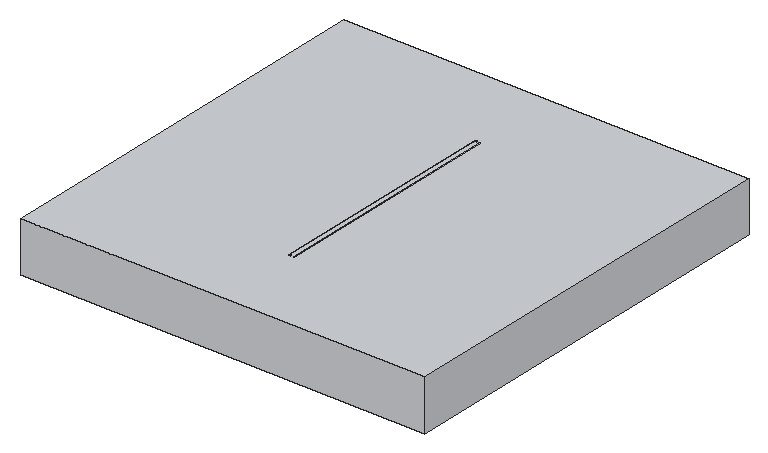
Revit family "LAMP_FIL 35 1400MM OPAL COMFORT TRIMLESS", category Luminarias, Revit 2018
Family settings
  Anfitrión = Cara
  Cota de conector redondo = Diámetro de uso
  Tipo de pieza = Normal
  Corte con vacíos al cargar = No
  Origen de luz = Sí
  Compartido = No
  Punto de cálculo de habitación = No
Parameters (values of type "1334LM 3000K  WHITE")
  Ángulo de inclinación = -90.00°
  Weight = 3.35 kg
  Wattage = 14.4 W
  Type = "MID POWER TRIDONIC"
  built-in parameter 1150107 = 3000 (stored number, unit not read)
  Recessed dimensions = "1407x52x0"
  built-in parameter 1150110 = 1 (stored number, unit not read)
  built-in parameter 1150109 = 1 (stored number, unit not read)
  built-in parameter 1150112 = 1 (stored number, unit not read)
  built-in parameter 1150113 = 1 (stored number, unit not read)
  built-in parameter 1114218 = 1 (stored number, unit not read)
  Protection rating = "IP20 / IK07"
  Product datasheet = "http://www.lamp.es/product-files/TECH/F31TR140LOOC830NW-EN.pdf"
  Product code = "F31TR140LOOC830NW"
  Product URL = "https://www.lamp.es/en/family/fil-35_413911"
  Power Supply = "220-240V 50/60Hz"
  Power = 14 W
  Plum = 14.4 W
  Photobiological risk = ""
  NOT COVER 2 [instance] = not(END COVER 2)  # no
  NOT COVER 1 [instance] = not(END COVER 1)  # no
  built-in parameter 1150137 = (empty or 0)
  built-in parameter 1150132 = 2
  Modelo = Product code  # "F31TR140LOOC830NW"
  Model Explanation = ""
  Material suspension = LAMP_Acero genérico
  Material perfil = LAMP_Aluminio Perfil Fil BL
  Material difusor = LAMP_PC Difusor Opal Fil
  Manufacturer name = "LAMP"
  Manufacturer country = "Spain"
  Manufacturer URL = "http://www.lamp.es/en"
  MacAdam = "3"
  Longitud de línea de emisión = 1400 mm
  Last update = "07/05/2021"
  Lamp = "MID-POWER LED"
  LED Lifetime = "50.000 L90 B10"
  built-in parameter 1150105 = 527.48 (stored number, unit not read)
  built-in parameter 1150102 = (empty or 0)
  Insulation class = "I"
  Installation instructions = "https://www.lamp.es/product-files/INS/1004590-A%20INSTR.%20FIL35.pdf"
  built-in parameter 1150106 = 5.2748 (stored number, unit not read)
  IEE = "A+"
  Gear = "Electronic"
  Lumens = 1334.88 lm
  Finish = "Matte white RAL 9010"
  Color Filter = 16777215
  built-in parameter 1114217 = 1 (stored number, unit not read)
  built-in parameter 1150139 = (empty or 0)
  Fabricante = Manufacturer name  # "LAMP"
  Default Elevation = 1219.2 mm
  built-in parameter 1150104 = 8.6121 (stored number, unit not read)
  Efficacy = 92.7 lm/W
  END COVER 2 [instance] = yes
  END COVER 1 [instance] = yes
  Dimensions = "1400x51x76"
  Descripción = "FIL35 TRIM 1400 2000 WW OP COMF WH."
  built-in parameter 1150115 = 1 (stored number, unit not read)
  built-in parameter 1150114 = 1 (stored number, unit not read)
  built-in parameter 1150138 = (empty or 0)
  built-in parameter 1150134 = 3
  Dimming Lamp Color Temperature Shift = (empty or 0)
  CRI = "80"
  Archivo de red fotométrica = "F31TR140LOOC830NW.IES"
  built-in parameter 1150133 = 10 (stored number, unit not read)
Types (4, lengths in mm): name | built-in parameter 1150107 | Product datasheet | Product code | Modelo | built-in parameter 1150105 | built-in parameter 1150106 | Lumens | built-in parameter 1150104 | Efficacy | Descripción | Archivo de red fotométrica
  1334LM 3000K DALI WHITE | 3000 (stored number, unit not read) | "http://www.lamp.es/product-files/TECH/F31TR140LOOC830DW-EN.pdf" | "F31TR140LOOC830DW" | "F31TR140LOOC830DW" | 527.48 (stored number, unit not read) | 5.2748 (stored number, unit not read) | 1334.88 lm | 8.6121 (stored number, unit not read) | 92.7 lm/W | "FIL35 TRIM 1400 2000 WW OP COMF DALI WH." | "F31TR140LOOC830NW.IES"
  1334LM 3000K  WHITE | 3000 (stored number, unit not read) | "http://www.lamp.es/product-files/TECH/F31TR140LOOC830NW-EN.pdf" | "F31TR140LOOC830NW" | "F31TR140LOOC830NW" | 527.48 (stored number, unit not read) | 5.2748 (stored number, unit not read) | 1334.88 lm | 8.6121 (stored number, unit not read) | 92.7 lm/W | "FIL35 TRIM 1400 2000 WW OP COMF WH." | "F31TR140LOOC830NW.IES"
  1390LM 4000K DALI WHITE | 4000 (stored number, unit not read) | "http://www.lamp.es/product-files/TECH/F31TR140LOOC840DW-EN.pdf" | "F31TR140LOOC840DW" | "F31TR140LOOC840DW" | 549.1 (stored number, unit not read) | 5.491 (stored number, unit not read) | 1389.6 lm | 8.9651 (stored number, unit not read) | 96.5 lm/W | "FIL35 TRIM 1400 2000 NW OP COMF DALI WH." | "F31TR140LOOC840nW.IES"
  1390LM 4000K  WHITE | 4000 (stored number, unit not read) | "http://www.lamp.es/product-files/TECH/F31TR140LOOC840NW-EN.pdf" | "F31TR140LOOC840NW" | "F31TR140LOOC840NW" | 549.1 (stored number, unit not read) | 5.491 (stored number, unit not read) | 1389.6 lm | 8.9651 (stored number, unit not read) | 96.5 lm/W | "FIL35 TRIM 1400 2000 NW OP COMF WH." | "F31TR140LOOC840NW.IES"
Reference planes
  plane 1 "Centro (Frontal/Posterior)": y = 0
  plane 2: z = 0
  plane 3 "Centro (Izquierda/Derecha)": x = 0
Forms (mm)
  Extrusion 1, solid
    sketch origin (0, 0, 0) x (1, 0, 0) y (0, 1, 0)
      loop
        line (-1219.2, 1219.2) -> (-1219.2, -1219.2) -> (1219.2, -1219.2) -> (1219.2, 1219.2) -> (-1219.2, 1219.2)
    from 0 to -304.8
  Extrusion 2, solid, material "LAMP_Aluminio Perfil Fil BL" <- "Material perfil"
    sketch origin (0, 0, -281.8) x (1, 0, 0) y (0, 0, 1)
      loop
        line (-17.5, 205.82) -> (0, 205.82) -> (17.5, 205.82) -> (17.5, 270.3) -> (25.5, 270.3) -> (25.5, 271.8) -> (17.5, 271.8) -> (17.5, 280.8) -> (16.5, 281.8) -> (16.5, 259) -> (0, 259) -> (-16.5, 259) -> (-16.5, 281.8) -> (-17.5, 280.8) -> (-17.5, 271.8) -> (-25.5, 271.8) -> (-25.5, 270.3) -> (-17.5, 270.3) -> (-17.5, 205.82)
    from -700 to 700
  Extrusion 3, solid, material "LAMP_PC Difusor Opal Fil" <- "Material difusor"
    sketch origin (0, 0, -283) x (1, 0, 0) y (0, 0, 1)
      loop
        line (-16.5, 283) -> (-16.5, 281.8) -> (16.5, 281.8) -> (16.5, 283) -> (-16.5, 283)
    from -700 to 700
Text (mm)
  text "Any modification of the parameters and properties of the LAMP BIM models must be executed and validated by the LAMP technical department.\nPhone: +34 93 736 68 00\nE-mail: lamp@lamp.es\n\nLAMP reserves the right to modify the technical specifications of its products." at (3134.814, 5301.691, -2867.848), in view "Preview"
Dimensions and locks
  aligned and locked: plane 2 to Extrusion 1
  aligned and locked: level to Extrusion 1
Nested families
  nested 1: "LAMP_FIL 35 END COVER TRIMLESS" at (0, -701, -76), visible <- "END COVER 1", type "Blanco"
  nested 2: "LAMP_FIL 35 END COVER TRIMLESS" at (0, 701, -76), visible <- "END COVER 2", type "Blanco"
Connectors
  electrical at (0, 0, -75.3)
    settings: on Extrusion 2, index 1, voltage 230 V, apparent load 0 VA, apparent load phase1 0 VA, apparent load phase2 0 VA, apparent load phase3 0 VA, power factor 1, load classification "Otro", number of poles 1, system type 31, power factor state 1, is connector primary yes, connector utility no, sub classification motor no, connector description ""
Definition of nested family "LAMP_FIL 35 END COVER TRIMLESS"
  Parameters (values of type "Blanco")
    Material tapa = none
  Reference planes
    plane 1 "Centro (Frontal/Posterior)": y = 0
    plane 2: z = 0
    plane 3 "Centro (Izquierda/Derecha)": x = 0
  Forms (mm)
    Extrusion 1, solid, material <- "Material tapa"
      sketch origin (0, 0, 0) x (0, -1, 0) y (0, 0, 1)
        loop
          line (0, 0) -> (1, 0) -> (1, 76) -> (-1, 76) -> (-1, 0) -> (0, 0)
      from -17.5 to 17.5
    Extrusion 2, void
      sketch origin (-1, 0, 65.55) x (1, 0, 0) y (0, 0, 1)
        loop
          line (18.5, 0) -> (18.5, 10.45) -> (17.5, 10.45) -> (17.5, 0) -> (18.5, 0)
      from -23.5 to 23.5
    Extrusion 3, void
      sketch origin (1, 0, 65.55) x (-1, 0, 0) y (0, 0, -1)
        loop
          line (18.5, 0) -> (17.5, 0) -> (17.5, -10.45) -> (18.5, -10.45) -> (18.5, 0)
      from -23.5 to 23.5
  Cuts and joins
    Extrusion 2, Extrusion 3 cuts Extrusion 1
  Dimensions and locks
    aligned and locked: level to plane 2
